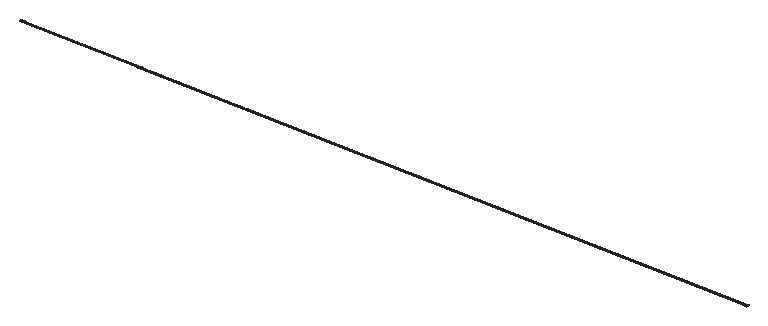
Revit family "0068173", category Lighting Fixtures, host Face, Revit 2017 (continued)
Automatic sketch dimensions
  Extrusion 94 sketch curve to Extrusion 94 sketch curve = 31.2 mm
  Extrusion 94 sketch curve to Extrusion 94 sketch curve = 0 mm  (x3)
  Extrusion 94 sketch curve to Extrusion 94 sketch curve = 3 mm  (x4)
  Extrusion 95 sketch curve to Extrusion 95 sketch curve = 2 mm  (x4)
  Extrusion 95 sketch curve to Extrusion 95 sketch curve = 14.6 mm  (x2)
  Extrusion 95 sketch curve to Extrusion 95 sketch curve = 31.2 mm
  Extrusion 95 sketch curve to Extrusion 95 sketch curve = 0 mm  (x3)
  Extrusion 95 sketch curve to Extrusion 95 sketch curve = 3 mm  (x4)
  Extrusion 96 sketch curve to Extrusion 96 sketch curve = 2 mm  (x4)
  Extrusion 96 sketch curve to Extrusion 96 sketch curve = 14.6 mm  (x2)
  Extrusion 96 sketch curve to Extrusion 96 sketch curve = 31.2 mm
  Extrusion 96 sketch curve to Extrusion 96 sketch curve = 0 mm  (x3)
  Extrusion 96 sketch curve to Extrusion 96 sketch curve = 3 mm  (x4)
  Extrusion 97 sketch curve to Extrusion 97 sketch curve = 2 mm  (x4)
  Extrusion 97 sketch curve to Extrusion 97 sketch curve = 14.6 mm  (x2)
  Extrusion 97 sketch curve to Extrusion 97 sketch curve = 31.2 mm
  Extrusion 97 sketch curve to Extrusion 97 sketch curve = 0 mm  (x3)
  Extrusion 97 sketch curve to Extrusion 97 sketch curve = 3 mm  (x4)
  Extrusion 98 sketch curve to Extrusion 98 sketch curve = 2 mm  (x4)
  Extrusion 98 sketch curve to Extrusion 98 sketch curve = 14.6 mm  (x2)
  Extrusion 98 sketch curve to Extrusion 98 sketch curve = 31.2 mm
  Extrusion 98 sketch curve to Extrusion 98 sketch curve = 0 mm  (x3)
  Extrusion 98 sketch curve to Extrusion 98 sketch curve = 3 mm  (x4)
  Extrusion 99 sketch curve to Extrusion 99 sketch curve = 2 mm  (x4)
  Extrusion 99 sketch curve to Extrusion 99 sketch curve = 14.6 mm  (x2)
  Extrusion 99 sketch curve to Extrusion 99 sketch curve = 31.2 mm
  Extrusion 99 sketch curve to Extrusion 99 sketch curve = 0 mm  (x3)
  Extrusion 99 sketch curve to Extrusion 99 sketch curve = 3 mm  (x4)
  Extrusion 100 sketch curve to Extrusion 100 sketch curve = 2 mm  (x4)
  Extrusion 100 sketch curve to Extrusion 100 sketch curve = 14.6 mm  (x2)
  Extrusion 100 sketch curve to Extrusion 100 sketch curve = 31.2 mm
  Extrusion 100 sketch curve to Extrusion 100 sketch curve = 0 mm  (x3)
  Extrusion 100 sketch curve to Extrusion 100 sketch curve = 3 mm  (x4)
  Extrusion 101 sketch curve to Extrusion 101 sketch curve = 2 mm  (x4)
  Extrusion 101 sketch curve to Extrusion 101 sketch curve = 14.6 mm  (x2)
  Extrusion 101 sketch curve to Extrusion 101 sketch curve = 31.2 mm
  Extrusion 101 sketch curve to Extrusion 101 sketch curve = 0 mm  (x3)
  Extrusion 101 sketch curve to Extrusion 101 sketch curve = 3 mm  (x4)
  Extrusion 102 sketch curve to Extrusion 102 sketch curve = 2 mm  (x4)
  Extrusion 102 sketch curve to Extrusion 102 sketch curve = 14.6 mm  (x2)
  Extrusion 102 sketch curve to Extrusion 102 sketch curve = 31.2 mm
  Extrusion 102 sketch curve to Extrusion 102 sketch curve = 0 mm  (x3)
  Extrusion 102 sketch curve to Extrusion 102 sketch curve = 3 mm  (x4)
  Extrusion 103 sketch curve to Extrusion 103 sketch curve = 2 mm  (x4)
  Extrusion 103 sketch curve to Extrusion 103 sketch curve = 14.6 mm  (x2)
  Extrusion 103 sketch curve to Extrusion 103 sketch curve = 31.2 mm
  Extrusion 103 sketch curve to Extrusion 103 sketch curve = 0 mm  (x3)
  Extrusion 103 sketch curve to Extrusion 103 sketch curve = 3 mm  (x4)
  Extrusion 104 sketch curve to Extrusion 104 sketch curve = 2 mm  (x4)
  Extrusion 104 sketch curve to Extrusion 104 sketch curve = 14.6 mm  (x2)
  Extrusion 104 sketch curve to Extrusion 104 sketch curve = 31.2 mm
  Extrusion 104 sketch curve to Extrusion 104 sketch curve = 0 mm  (x3)
  Extrusion 104 sketch curve to Extrusion 104 sketch curve = 3 mm  (x4)
  Extrusion 105 sketch curve to Extrusion 105 sketch curve = 2 mm  (x4)
  Extrusion 105 sketch curve to Extrusion 105 sketch curve = 14.6 mm  (x2)
  Extrusion 105 sketch curve to Extrusion 105 sketch curve = 31.2 mm
  Extrusion 105 sketch curve to Extrusion 105 sketch curve = 0 mm  (x3)
  Extrusion 105 sketch curve to Extrusion 105 sketch curve = 3 mm  (x4)
  Extrusion 106 sketch curve to Extrusion 106 sketch curve = 2 mm  (x4)
  Extrusion 106 sketch curve to Extrusion 106 sketch curve = 14.6 mm  (x2)
  Extrusion 106 sketch curve to Extrusion 106 sketch curve = 31.2 mm
  Extrusion 106 sketch curve to Extrusion 106 sketch curve = 0 mm  (x3)
  Extrusion 106 sketch curve to Extrusion 106 sketch curve = 3 mm  (x4)
  Extrusion 107 sketch curve to Extrusion 107 sketch curve = 2 mm  (x4)
  Extrusion 107 sketch curve to Extrusion 107 sketch curve = 14.6 mm  (x2)
  Extrusion 107 sketch curve to Extrusion 107 sketch curve = 31.2 mm
  Extrusion 107 sketch curve to Extrusion 107 sketch curve = 0 mm  (x3)
  Extrusion 107 sketch curve to Extrusion 107 sketch curve = 3 mm  (x4)
  Extrusion 108 sketch curve to Extrusion 108 sketch curve = 2 mm  (x4)
  Extrusion 108 sketch curve to Extrusion 108 sketch curve = 14.6 mm  (x2)
  Extrusion 108 sketch curve to Extrusion 108 sketch curve = 31.2 mm
  Extrusion 108 sketch curve to Extrusion 108 sketch curve = 0 mm  (x3)
  Extrusion 108 sketch curve to Extrusion 108 sketch curve = 3 mm  (x4)
  Extrusion 109 sketch curve to Extrusion 109 sketch curve = 2 mm  (x4)
  Extrusion 109 sketch curve to Extrusion 109 sketch curve = 14.6 mm  (x2)
  Extrusion 109 sketch curve to Extrusion 109 sketch curve = 31.2 mm
  Extrusion 109 sketch curve to Extrusion 109 sketch curve = 0 mm  (x3)
  Extrusion 109 sketch curve to Extrusion 109 sketch curve = 3 mm  (x4)
  radius of Sweep 3 sketch curve = 1.353 mm
  radius of Sweep 2 sketch curve = 1.399 mm
Connectors
  electrical at (-230, 0, 0), driven by "Apparent Load", driven by "PowerFactor", driven by "Voltage"
    settings: index 1, voltage 0 V, apparent load 24 VA, apparent load phase1 0 VA, apparent load phase2 0 VA, apparent load phase3 0 VA, power factor 0, load classification "Lighting", number of poles 1, system type 30, power factor state 1, is connector primary yes, connector utility no, sub classification motor no, connector description ""
Types (4, lengths in mm): name | TypeName | built-in parameter 1150134 | Photometric Web File | Name | ModelReference | ModelNumber | Model | LuminousEfficacy | built-in parameter 1150105 | Lumens | LampNominalLuminous | LampColourTemperature | built-in parameter 1150107 | built-in parameter 1150106 | built-in parameter 1150104 | DocumentationLiterature
  0068171 FLEX PRO IP65 2100LM 927 | "Flex Pro IP65 2100lm 927" | (empty or 0) | "0068171.ies" | "Flex Pro IP65 2100lm 927" | "Flex Pro IP65 2100lm 927" | "0068171" | "Flex Pro IP65 2100lm 927" | "88 lm/W" | 168.07 (stored number, unit not read) | 2112 lm | "2100 lm" | "2700 K" | 2700 (stored number, unit not read) | 1.6807 (stored number, unit not read) | 8.1755 (stored number, unit not read) | "http://www.sylvania-lighting.com/product/en-int/products/0068171"
  0068173 FLEX PRO IP65 2300LM 940 | "Flex Pro IP65 2300lm 940" | 12 | "0068173.ies" | "Flex Pro IP65 2300lm 940" | "Flex Pro IP65 2300lm 940" | "0068173" | "Flex Pro IP65 2300lm 940" | "96 lm/W" | 183.35 (stored number, unit not read) | 2304 lm | "2300 lm" | "4000 K" | 4000 (stored number, unit not read) | 1.8335 (stored number, unit not read) | 8.9187 (stored number, unit not read) | "http://www.sylvania-lighting.com/product/en-int/products/0068173"
  0068172 FLEX PRO IP65 2250LM 930 | "Flex Pro IP65 2250lm 930" | (empty or 0) | "0068172.ies" | "Flex Pro IP65 2250lm 930" | "Flex Pro IP65 2250lm 930" | "0068172" | "Flex Pro IP65 2250lm 930" | "94 lm/W" | 179.53 (stored number, unit not read) | 2256 lm | "2250 lm" | "3000 K" | 3000 (stored number, unit not read) | 1.7953 (stored number, unit not read) | 8.7329 (stored number, unit not read) | "http://www.sylvania-lighting.com/product/en-int/products/0068172"
  0068174 FLEX PRO IP65 2300LM 965 | "Flex Pro IP65 2300lm 965" | 1 | "0068174.ies" | "Flex Pro IP65 2300lm 965" | "Flex Pro IP65 2300lm 965" | "0068174" | "Flex Pro IP65 2300lm 965" | "96 lm/W" | 183.35 (stored number, unit not read) | 2304 lm | "2300 lm" | "6500 K" | 6500 (stored number, unit not read) | 1.8335 (stored number, unit not read) | 8.9187 (stored number, unit not read) | "http://www.sylvania-lighting.com/product/en-int/products/0068174"
